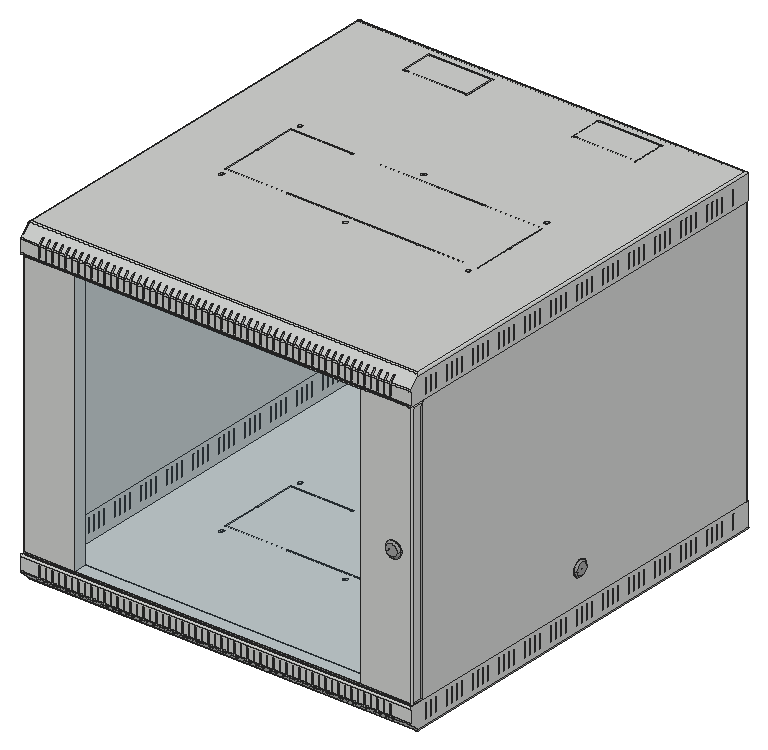
Revit family "600х650", category Обобщенные модели, Revit 2019
Family settings
  Может служить основой для арматурных стержней = Нет
  Размер круглого соединителя = Использовать диаметр
  Тип детали = Нормальный
  На основе рабочей плоскости = Нет
  Всегда вертикально = Да
  При загрузке вырезать с полостями = Нет
  Общий = Нет
  Точка расчета площади = Нет
Parameters (values of type "ШТ-НСрМ 9U (600x650) стеклянная дверь")
  Дверь = Дверь_С : Дверь_С
  Высота_двери = ADSK_Размер_Высота - 80 mm  # 413 mm
  ADSK_Этаж [instance] = ""
  ADSK_Размер_Ширина = 600 mm  # constant formula
  ADSK_Размер_Глубина = 650 mm  # constant formula
  ADSK_Размер_Высота = 493 mm
  ADSK_Примечание [instance] = ""
  ADSK_Предел огнестойкости = ""
  ADSK_Позиция [instance] = ""
  ADSK_Обозначение = "ШТ-НСрМ 9U (600x650) стеклянная дверь"
  ADSK_Наименование = "Шкаф телекоммуникационный настенный разборный со съемными боковыми стенками 19”,9U(600x650), ШТ-НСрМ-9U-600-650-С дверь стекло ССД"
  ADSK_Материал обозначение = "Серый RAL 7035"  # constant formula
  ADSK_Масса_Текст = "24,3"
  ADSK_Марка [instance] = "ШТ-НСрМ 9U (600x650) стеклянная дверь"
  ADSK_Код изделия = "130411-00844"
  ADSK_Зона = ""
  ADSK_Завод-изготовитель = "АО СВЯЗЬСТРОЙДЕТАЛЬ"  # constant formula
  ADSK_Единица измерения = "шт"  # constant formula
  ADSK_URL страницы изделия = "https://www.ssd.ru/shkaf-telekommunikatsionnyy-nastennyy-razbornyy-so-semnymi-bokovymi-stenkami-19-9u-600x650-sht-nsrm--75411"
  ADSK_URL документации изделия = ""
Reference planes
  plane 1 "По центру (Вперед/Назад)": y = 0
  plane 2: z = 0
  plane 3 "По центру (Влево/Вправо)": x = 0
  plane 4: y = 325
  plane 5: y = -325
  plane 6: x = -300
  plane 7: x = 300
  plane 8: z = 246.5
  plane 9: z = -246.5
  plane 10: z = 206.5
  plane 11: z = -206.5
Forms (mm)
  Extrusion 1, solid, material "RAL 7035", detail levels medium+fine
    sketch origin (0, 174.994, 41.996) x (0, 1, 0) y (-1, 0, 0)
      loop
        line (147.006, 300) -> (-475.51, 300)
        arc (-475.51, 300) -> (-476.004, 299.506) -> (-475.51, 299.013) r 0.494
        line (-475.51, 299.013) -> (145.992, 299.013)
        arc (145.992, 299.013) -> (148.118, 298.132) -> (148.999, 296.006) r 3.007
        line (148.999, 296.006) -> (148.999, 246.94)
        arc (148.999, 246.94) -> (149.499, 246.44) -> (150, 246.94) r 0.501
        line (150, 246.94) -> (150, 297.006)
        arc (150, 297.006) -> (149.123, 299.123) -> (147.006, 300) r 2.994
      loop
        arc (146.993, -300) -> (149.119, -299.119) -> (150, -296.993) r 3.007
        line (150, -296.993) -> (150, -246.948)
        arc (150, -246.948) -> (149.499, -246.447) -> (148.998, -246.948) r 0.501
        line (148.998, -246.948) -> (148.998, -295.993)
        arc (148.998, -295.993) -> (148.117, -298.119) -> (145.991, -299) r 3.007
        line (145.991, -299) -> (-475.504, -299)
        arc (-475.504, -299) -> (-476.004, -299.5) -> (-475.504, -300) r 0.5
        line (-475.504, -300) -> (146.993, -300)
      loop
        line (149.006, 245.778) -> (149.006, -245.93)
        arc (149.006, -245.93) -> (149.506, -246.43) -> (150.006, -245.93) r 0.5
        line (150.006, -245.93) -> (150.006, 245.778)
        arc (150.006, 245.778) -> (149.506, 246.278) -> (149.006, 245.778) r 0.5
    from -248.496 to 164.504
  Extrusion 2, void, detail levels fine
    sketch origin (3.917, 0, 85.311) x (1, 0, 0) y (0, 0, 1)
      loop
        line (273.229, 77.108) -> (273.229, 81.669)
        arc (273.229, 81.669) -> (268.229, 86.669) -> (263.229, 81.669) r 5
        line (263.229, 81.669) -> (263.229, 77.09)
        arc (263.229, 77.09) -> (260.241, 70.854) -> (263.229, 64.618) r 8
        line (263.229, 64.618) -> (263.229, 60.039)
        arc (263.229, 60.039) -> (268.229, 55.039) -> (273.229, 60.039) r 5
        line (273.229, 60.039) -> (273.229, 64.6)
        arc (273.229, 64.6) -> (276.241, 70.854) -> (273.229, 77.108) r 8
    from -323.993 to -325
  Extrusion 3, void, detail levels fine
    sketch origin (-3.917, 0, 85.311) x (-1, 0, 0) y (0, 0, -1)
      loop
        arc (273.229, -77.108) -> (276.241, -70.854) -> (273.229, -64.6) r 8
        line (273.229, -64.6) -> (273.229, -60.039)
        arc (273.229, -60.039) -> (268.229, -55.039) -> (263.229, -60.039) r 5
        line (263.229, -60.039) -> (263.229, -64.618)
        arc (263.229, -64.618) -> (260.241, -70.854) -> (263.229, -77.09) r 8
        line (263.229, -77.09) -> (263.229, -81.669)
        arc (263.229, -81.669) -> (268.229, -86.669) -> (273.229, -81.669) r 5
        line (273.229, -81.669) -> (273.229, -77.108)
    from -323.993 to -325
  Extrusion 4, void, detail levels fine
    sketch origin (3.917, 0, -85.311) x (1, 0, 0) y (0, 0, 1)
      loop
        arc (273.229, -77.108) -> (276.241, -70.854) -> (273.229, -64.6) r 8
        line (273.229, -64.6) -> (273.229, -60.039)
        arc (273.229, -60.039) -> (268.229, -55.039) -> (263.229, -60.039) r 5
        line (263.229, -60.039) -> (263.229, -64.618)
        arc (263.229, -64.618) -> (260.241, -70.854) -> (263.229, -77.09) r 8
        line (263.229, -77.09) -> (263.229, -81.669)
        arc (263.229, -81.669) -> (268.229, -86.669) -> (273.229, -81.669) r 5
        line (273.229, -81.669) -> (273.229, -77.108)
    from -325 to -323.993
  Extrusion 5, void, detail levels fine
    sketch origin (-3.917, 0, -85.311) x (-1, 0, 0) y (0, 0, -1)
      loop
        line (273.229, 77.108) -> (273.229, 81.669)
        arc (273.229, 81.669) -> (268.229, 86.669) -> (263.229, 81.669) r 5
        line (263.229, 81.669) -> (263.229, 77.09)
        arc (263.229, 77.09) -> (260.241, 70.854) -> (263.229, 64.618) r 8
        line (263.229, 64.618) -> (263.229, 60.039)
        arc (263.229, 60.039) -> (268.229, 55.039) -> (273.229, 60.039) r 5
        line (273.229, 60.039) -> (273.229, 64.6)
        arc (273.229, 64.6) -> (276.241, 70.854) -> (273.229, 77.108) r 8
    from -323.993 to -325
  Extrusion 6, void, not visible, detail levels fine
    sketch origin (3.917, -50, 13.811) x (1, 0, 0) y (0, 0, 1)
      loop
        line (273.229, 77.108) -> (273.229, 81.669)
        arc (273.229, 81.669) -> (268.229, 86.669) -> (263.229, 81.669) r 5
        line (263.229, 81.669) -> (263.229, 77.09)
        arc (263.229, 77.09) -> (260.241, 70.854) -> (263.229, 64.618) r 8
        line (263.229, 64.618) -> (263.229, 60.039)
        arc (263.229, 60.039) -> (268.229, 55.039) -> (273.229, 60.039) r 5
        line (273.229, 60.039) -> (273.229, 64.6)
        arc (273.229, 64.6) -> (276.241, 70.854) -> (273.229, 77.108) r 8
    from -323.993 to -325
  Extrusion 7, void, not visible, detail levels fine
    sketch origin (-3.917, -50, 13.811) x (-1, 0, 0) y (0, 0, -1)
      loop
        arc (273.229, -77.108) -> (276.241, -70.854) -> (273.229, -64.6) r 8
        line (273.229, -64.6) -> (273.229, -60.039)
        arc (273.229, -60.039) -> (268.229, -55.039) -> (263.229, -60.039) r 5
        line (263.229, -60.039) -> (263.229, -64.618)
        arc (263.229, -64.618) -> (260.241, -70.854) -> (263.229, -77.09) r 8
        line (263.229, -77.09) -> (263.229, -81.669)
        arc (263.229, -81.669) -> (268.229, -86.669) -> (273.229, -81.669) r 5
        line (273.229, -81.669) -> (273.229, -77.108)
    from -323.993 to -325
  Extrusion 8, void, not visible, detail levels fine
    sketch origin (3.917, 0, -13.811) x (1, 0, 0) y (0, 0, 1)
      loop
        arc (273.229, -77.108) -> (276.241, -70.854) -> (273.229, -64.6) r 8
        line (273.229, -64.6) -> (273.229, -60.039)
        arc (273.229, -60.039) -> (268.229, -55.039) -> (263.229, -60.039) r 5
        line (263.229, -60.039) -> (263.229, -64.618)
        arc (263.229, -64.618) -> (260.241, -70.854) -> (263.229, -77.09) r 8
        line (263.229, -77.09) -> (263.229, -81.669)
        arc (263.229, -81.669) -> (268.229, -86.669) -> (273.229, -81.669) r 5
        line (273.229, -81.669) -> (273.229, -77.108)
    from -325 to -323.993
  Extrusion 9, void, not visible, detail levels fine
    sketch origin (-3.917, 0, -13.811) x (-1, 0, 0) y (0, 0, -1)
      loop
        line (273.229, 77.108) -> (273.229, 81.669)
        arc (273.229, 81.669) -> (268.229, 86.669) -> (263.229, 81.669) r 5
        line (263.229, 81.669) -> (263.229, 77.09)
        arc (263.229, 77.09) -> (260.241, 70.854) -> (263.229, 64.618) r 8
        line (263.229, 64.618) -> (263.229, 60.039)
        arc (263.229, 60.039) -> (268.229, 55.039) -> (273.229, 60.039) r 5
        line (273.229, 60.039) -> (273.229, 64.6)
        arc (273.229, 64.6) -> (276.241, 70.854) -> (273.229, 77.108) r 8
    from -323.993 to -325
  Extrusion 10, solid, material "По умолчанию", detail levels medium+fine
    sketch origin (0, 0, -15.973) x (0, 1, 0) y (0, 0, 1)
      loop
        circle (0, -140.561) r 12
    from -300 to -301
  Blend 11, solid, material "По умолчанию", detail levels medium+fine
    base sketch origin (0, 30.14, -15.973) x (0, 1, 0) y (0, 0, 1)
      loop
        circle (-30.14, -140.561) r 12
    top sketch origin (0, 30.14, -15.973) x (0, 1, 0) y (0, 0, 1)
      loop
        circle (-30.14, -140.561) r 9
    from -301 to -304
  Extrusion 12, solid, material "По умолчанию", not visible, detail levels medium+fine
    sketch origin (0, 0, -94.473) x (0, 1, 0) y (0, 0, 1)
      loop
        circle (0, -140.561) r 12
    from -300 to -301
  Blend 13, solid, material "По умолчанию", not visible, detail levels medium+fine
    base sketch origin (0, 30.14, -94.473) x (0, 1, 0) y (0, 0, 1)
      loop
        circle (-30.14, -140.561) r 12
    top sketch origin (0, 30.14, -94.473) x (0, 1, 0) y (0, 0, 1)
      loop
        circle (-30.14, -140.561) r 9
    from -301 to -304
  Extrusion 14, solid, material "По умолчанию", detail levels medium+fine
    sketch origin (0, 0, -15.973) x (0, 1, 0) y (0, 0, -1)
      loop
        circle (0, 140.561) r 12
    from -300 to -301
  Blend 15, solid, material "По умолчанию", detail levels medium+fine
    base sketch origin (0, 30.14, -15.973) x (0, 1, 0) y (0, 0, -1)
      loop
        circle (-30.14, 140.561) r 12
    top sketch origin (0, 30.14, -15.973) x (0, 1, 0) y (0, 0, -1)
      loop
        circle (-30.14, 140.561) r 9
    from -301 to -304
  Extrusion 16, solid, material "По умолчанию", not visible, detail levels medium+fine
    sketch origin (0, 0, -94.473) x (0, 1, 0) y (0, 0, -1)
      loop
        circle (0, 140.561) r 12
    from -300 to -301
  Blend 17, solid, material "По умолчанию", not visible, detail levels medium+fine
    base sketch origin (0, 30.14, -94.473) x (0, 1, 0) y (0, 0, -1)
      loop
        circle (-30.14, 140.561) r 12
    top sketch origin (0, 30.14, -94.473) x (0, 1, 0) y (0, 0, -1)
      loop
        circle (-30.14, 140.561) r 9
    from -301 to -304
  Extrusion 18, void
    sketch origin (0, 0.347, 80.075) x (0, 1, 0) y (0, 0, 1)
      loop
        line (-4.848, -235.859) -> (-4.848, -237.359) -> (3.152, -237.359) -> (3.152, -235.859) -> (-4.848, -235.859)
    from -302 to -304
  Extrusion 19, void
    sketch origin (0, 0, 78.5) x (0, 1, 0) y (0, 0, 1)
      loop
        line (-4.501, -234.284) -> (-4.501, -235.784) -> (3.499, -235.784) -> (3.499, -234.284) -> (-4.501, -234.284)
    from 302 to 304
  Extrusion 20, void, not visible
    sketch origin (0, 0.347, 1.575) x (0, 1, 0) y (0, 0, 1)
      loop
        line (-4.848, -235.859) -> (-4.848, -237.359) -> (3.152, -237.359) -> (3.152, -235.859) -> (-4.848, -235.859)
    from -302 to -304
  Extrusion 21, void, not visible
    sketch origin (0, 0, 0) x (0, 1, 0) y (0, 0, 1)
      loop
        line (-4.501, -234.284) -> (-4.501, -235.784) -> (3.499, -235.784) -> (3.499, -234.284) -> (-4.501, -234.284)
    from 302 to 304
  Extrusion 22, solid, material "RAL 7035", detail levels coarse
    sketch origin (0, 0, 0) x (1, 0, 0) y (0, 0, 1)
      loop
        line (-300, 246.5) -> (-300, -246.5) -> (300, -246.5) -> (300, 246.5) -> (-300, 246.5)
    from -325 to 325
Cuts and joins
  Extrusion 2, Extrusion 3, Extrusion 4, Extrusion 5, Extrusion 19 cuts Extrusion 1
  Extrusion 18 cuts Blend 11
  Extrusion 19 cuts Extrusion 14
  Extrusion 19 cuts Blend 15
Lines and regions (mm)
  reference lines
    curve 1: line (280.158, 0, 156.165) -> (264.158, 0, 156.165)
    curve 3: line (280.158, 0, -156.165) -> (264.158, 0, -156.165)
    curve 5: line (0, -12, -156.534) -> (0, -42, -156.534)
  reference lines, not visible
    curve 2: line (280.158, -50, 84.665) -> (264.158, -50, 84.665)
    curve 4: line (280.158, 0, -84.665) -> (264.158, 0, -84.665)
    curve 6: line (0, -12, -235.034) -> (0, -42, -235.034)
Dimensions and locks
  "ADSK_Размер_Высота": plane 8 to plane 9
  equal spacing: plane 8, level, plane 9
  equal spacing: plane 7, plane 3 "По центру (Влево/Вправо)", plane 6
  "ADSK_Размер_Ширина": plane 7 to plane 6
  equal spacing: plane 4, plane 1 "По центру (Вперед/Назад)", plane 5
  "ADSK_Размер_Глубина": plane 4 to plane 5
  level to Extrusion 1 = 206.5 mm
  locked: plane 10 to plane 8 at 40
  locked: plane 9 to plane 11 at 40
  locked: curve 1 to plane 10 at 50.335
  locked: plane 11 to curve 3 at 50.335
  locked: plane 9 to curve 5 at 89.966
  locked: nested 2 to plane 8 at 40
  locked: plane 9 to nested 3 at 40
  aligned and locked: level to plane 2
  aligned and locked: Extrusion 1 to plane 6
  aligned and locked: plane 7 to Extrusion 1
  aligned and locked: plane 10 to Extrusion 1
  aligned and locked: Extrusion 1 to plane 11
  aligned and locked: Extrusion 22 to plane 6
  aligned and locked: plane 7 to Extrusion 22
  aligned and locked: Extrusion 22 to plane 9
  aligned and locked: plane 8 to Extrusion 22
  aligned and locked: Extrusion 22 to plane 4
  aligned and locked: plane 5 to Extrusion 22
Automatic sketch dimensions
  Extrusion 2 sketch curve to Extrusion 2 sketch curve = 0 mm  (x5)
  Extrusion 2 sketch curve to Extrusion 2 sketch curve = 5 mm  (x2)
  Extrusion 2 sketch curve to Extrusion 2 sketch curve = 4.988 mm
  Extrusion 2 sketch curve to Extrusion 2 sketch curve = 4.56 mm  (x2)
  Extrusion 2 sketch curve to Extrusion 2 sketch curve = 4.579 mm
  Extrusion 2 sketch curve to Extrusion 2 sketch curve = 6.254 mm
  Extrusion 3 sketch curve to Extrusion 3 sketch curve = 0 mm  (x5)
  Extrusion 3 sketch curve to Extrusion 3 sketch curve = 5 mm  (x2)
  Extrusion 3 sketch curve to Extrusion 3 sketch curve = 4.988 mm
  Extrusion 3 sketch curve to Extrusion 3 sketch curve = 4.56 mm  (x2)
  Extrusion 3 sketch curve to Extrusion 3 sketch curve = 4.579 mm
  Extrusion 3 sketch curve to Extrusion 3 sketch curve = 6.254 mm
  Extrusion 4 sketch curve to Extrusion 4 sketch curve = 0 mm  (x5)
  Extrusion 4 sketch curve to Extrusion 4 sketch curve = 5 mm  (x2)
  Extrusion 4 sketch curve to Extrusion 4 sketch curve = 4.988 mm
  Extrusion 4 sketch curve to Extrusion 4 sketch curve = 4.56 mm  (x2)
  Extrusion 4 sketch curve to Extrusion 4 sketch curve = 4.579 mm
  Extrusion 4 sketch curve to Extrusion 4 sketch curve = 6.254 mm
  Extrusion 5 sketch curve to Extrusion 5 sketch curve = 0 mm  (x5)
  Extrusion 5 sketch curve to Extrusion 5 sketch curve = 5 mm  (x2)
  Extrusion 5 sketch curve to Extrusion 5 sketch curve = 4.988 mm
  Extrusion 5 sketch curve to Extrusion 5 sketch curve = 4.56 mm  (x2)
  Extrusion 5 sketch curve to Extrusion 5 sketch curve = 4.579 mm
  Extrusion 5 sketch curve to Extrusion 5 sketch curve = 6.254 mm
  Extrusion 6 sketch curve to Extrusion 6 sketch curve = 0 mm  (x5)
  Extrusion 6 sketch curve to Extrusion 6 sketch curve = 5 mm  (x2)
  Extrusion 6 sketch curve to Extrusion 6 sketch curve = 4.988 mm
  Extrusion 6 sketch curve to Extrusion 6 sketch curve = 4.56 mm  (x2)
  Extrusion 6 sketch curve to Extrusion 6 sketch curve = 4.579 mm
  Extrusion 6 sketch curve to Extrusion 6 sketch curve = 6.254 mm
  Extrusion 7 sketch curve to Extrusion 7 sketch curve = 0 mm  (x5)
  Extrusion 7 sketch curve to Extrusion 7 sketch curve = 5 mm  (x2)
  Extrusion 7 sketch curve to Extrusion 7 sketch curve = 4.988 mm
  Extrusion 7 sketch curve to Extrusion 7 sketch curve = 4.56 mm  (x2)
  Extrusion 7 sketch curve to Extrusion 7 sketch curve = 4.579 mm
  Extrusion 7 sketch curve to Extrusion 7 sketch curve = 6.254 mm
  Extrusion 8 sketch curve to Extrusion 8 sketch curve = 0 mm  (x5)
  Extrusion 8 sketch curve to Extrusion 8 sketch curve = 5 mm  (x2)
  Extrusion 8 sketch curve to Extrusion 8 sketch curve = 4.988 mm
  Extrusion 8 sketch curve to Extrusion 8 sketch curve = 4.56 mm  (x2)
  Extrusion 8 sketch curve to Extrusion 8 sketch curve = 4.579 mm
  Extrusion 8 sketch curve to Extrusion 8 sketch curve = 6.254 mm
  Extrusion 9 sketch curve to Extrusion 9 sketch curve = 0 mm  (x5)
  Extrusion 9 sketch curve to Extrusion 9 sketch curve = 5 mm  (x2)
  Extrusion 9 sketch curve to Extrusion 9 sketch curve = 4.988 mm
  Extrusion 9 sketch curve to Extrusion 9 sketch curve = 4.56 mm  (x2)
  Extrusion 9 sketch curve to Extrusion 9 sketch curve = 4.579 mm
  Extrusion 9 sketch curve to Extrusion 9 sketch curve = 6.254 mm
  Extrusion 1 sketch curve to plane 6 = 0 mm
  Extrusion 1 sketch curve to plane 7 = 0 mm
  plane 4 to Extrusion 1 sketch curve = 0 mm
  plane 4 to Extrusion 1 sketch curve = 0.006 mm  (x2)
  plane 4 to Extrusion 1 sketch curve = 0.5 mm
  Extrusion 1 sketch curve to Extrusion 1 sketch curve = 0.501 mm  (x2)
  plane 4 to Extrusion 1 sketch curve = 2.999 mm
  plane 4 to Extrusion 1 sketch curve = 3.012 mm
  Extrusion 1 sketch curve to Extrusion 1 sketch curve = 1.014 mm
  Extrusion 1 sketch curve to plane 7 = 1 mm
  Extrusion 1 sketch curve to Extrusion 1 sketch curve = 1.002 mm
  Extrusion 1 sketch curve to plane 5 = 24.49 mm
  plane 6 to Extrusion 1 sketch curve = 0.494 mm
  Extrusion 1 sketch curve to plane 5 = 24.484 mm
  Extrusion 1 sketch curve to Extrusion 1 sketch curve = 49.046 mm
  Extrusion 1 sketch curve to Extrusion 1 sketch curve = 1.018 mm
  Extrusion 1 sketch curve to Extrusion 1 sketch curve = 50.228 mm
  Extrusion 1 sketch curve to Extrusion 1 sketch curve = 1.162 mm
  Extrusion 18 sketch curve to Extrusion 18 sketch curve = 1.5 mm
  Extrusion 19 sketch curve to Extrusion 19 sketch curve = 8 mm
  Extrusion 19 sketch curve to Extrusion 19 sketch curve = 1.5 mm
  Extrusion 18 sketch curve to Extrusion 18 sketch curve = 8 mm
  Extrusion 20 sketch curve to Extrusion 20 sketch curve = 8 mm
  Extrusion 22 sketch curve to plane 6 = 0 mm
  Extrusion 22 sketch curve to plane 7 = 0 mm
  Extrusion 22 sketch curve to plane 8 = 493 mm
  Extrusion 22 sketch curve to Extrusion 22 sketch curve = 493 mm
  radius of Extrusion 10 sketch curve = 12 mm
  radius of Blend 11 sketch curve = 12 mm
  radius of Blend 11 sketch curve = 9 mm
  radius of Extrusion 14 sketch curve = 12 mm
  radius of Blend 15 sketch curve = 12 mm
  radius of Blend 15 sketch curve = 9 mm
  radius of Extrusion 12 sketch curve = 12 mm
  radius of Blend 13 sketch curve = 12 mm
  radius of Blend 13 sketch curve = 9 mm
  radius of Extrusion 16 sketch curve = 12 mm
  radius of Blend 17 sketch curve = 12 mm
  radius of Blend 17 sketch curve = 9 mm
Nested families
  nested 1: "Дверь_С" at (0, -301, 0), ADSK_Размер_Высота <- "Высота_двери", type <- "Дверь", type "Дверь_С"
    with ADSK_Размер_Высота 413 mm
  nested 2: "Крышка 650" at (0, 325, -3.5) x (1, 0, 0) z (0, -1, 0), type "Крышка 650"
  nested 3: "Крышка 650" at (0, 325, 3.5) x (1, 0, 0) z (0, -1, 0), type "Крышка 650"
Definition of nested family "Дверь_С"
  Parameters (values of type "Дверь_С")
    Ширина = 600 mm
    ADSK_Размер_Высота [instance] = 500 mm
  Reference planes
    plane 1 "По центру (Вперед/Назад)": y = 0
    plane 2: z = 0
    plane 3 "По центру (Влево/Вправо)": x = 0
    plane 4: z = 250
    plane 5: z = -250
    plane 6: x = -300
    plane 7: x = 300
  Forms (mm)
    Extrusion 1, solid, detail levels medium+fine
      sketch origin (0, 0, 0) x (1, 0, 0) y (0, 0, 1)
        loop
          line (297, 250) -> (-297, 250)
          arc (-297, 250) -> (-299.121, 249.121) -> (-300, 247) r 3
          line (-300, 247) -> (-300, -247)
          arc (-300, -247) -> (-299.121, -249.121) -> (-297, -250) r 3
          line (-297, -250) -> (297, -250)
          arc (297, -250) -> (299.121, -249.121) -> (300, -247) r 3
          line (300, -247) -> (300, 247)
          arc (300, 247) -> (299.121, 249.121) -> (297, 250) r 3
        loop
          line (-220, 247.042) -> (-220, -247.042) -> (220, -247.042) -> (220, 247.042) -> (-220, 247.042)
      from 0 to 20
    Extrusion 2, void, detail levels medium+fine
      sketch origin (0, 0, 0) x (1, 0, 0) y (0, 1, 0)
        loop
          line (-300, 0) -> (-300, -3)
          arc (-300, -3) -> (-299.121, -0.879) -> (-297, 0) r 3
          line (-297, 0) -> (-300, 0)
        loop
          line (300, 0) -> (297, 0)
          arc (297, 0) -> (299.121, -0.879) -> (300, -3) r 3
          line (300, -3) -> (300, 0)
        loop
          line (-300, -20) -> (-297, -20)
          arc (-297, -20) -> (-299.121, -19.121) -> (-300, -17) r 3
          line (-300, -17) -> (-300, -20)
        loop
          line (300, -20) -> (300, -17)
          arc (300, -17) -> (299.121, -19.121) -> (297, -20) r 3
          line (297, -20) -> (300, -20)
      from -250 to 250
    Extrusion 3, void, detail levels medium+fine
      sketch origin (0, 0, 0) x (0, 1, 0) y (0, 0, 1)
        loop
          line (0, 250) -> (-2.958, 250)
          arc (-2.958, 250) -> (-0.866, 249.134) -> (0, 247.042) r 2.958
          line (0, 247.042) -> (0, 250)
        loop
          line (0, -250) -> (0, -247.042)
          arc (0, -247.042) -> (-0.866, -249.134) -> (-2.958, -250) r 2.958
          line (-2.958, -250) -> (0, -250)
        loop
          line (-20, 250) -> (-20, 247.042)
          arc (-20, 247.042) -> (-19.134, 249.134) -> (-17.042, 250) r 2.958
          line (-17.042, 250) -> (-20, 250)
        loop
          line (-20, -250) -> (-17.042, -250)
          arc (-17.042, -250) -> (-19.134, -249.134) -> (-20, -247.042) r 2.958
          line (-20, -247.042) -> (-20, -250)
      from -300 to 300
    Extrusion 4, solid, detail levels medium+fine
      sketch origin (271.4, 0, 0) x (1, 0, 0) y (0, 0, 1)
        loop
          circle (0, 0) r 12
      from 20 to 21
    Blend 5, solid, detail levels medium+fine
      base sketch origin (143.882, 0, 0) x (1, 0, 0) y (0, 0, 1)
        loop
          circle (127.518, 0) r 12
      top sketch origin (143.882, 0, 0) x (1, 0, 0) y (0, 0, 1)
        loop
          circle (127.518, 0) r 9
      from 21 to 24
    Extrusion 6, void, detail levels medium+fine
      sketch origin (271.39, 0, -0.135) x (1, 0, 0) y (0, 0, 1)
        loop
          line (-3.979, 0.868) -> (-3.979, -0.615) -> (3.999, -0.615) -> (3.999, 0.868) -> (-3.979, 0.868)
      from 24 to 22
    Extrusion 7, solid, detail levels medium+fine
      sketch origin (0, 0, 0) x (1, 0, 0) y (0, 0, 1)
        loop
          line (-220, 247.042) -> (-220, -247.042) -> (220, -247.042) -> (220, 247.042) -> (-220, 247.042)
      from 20 to 0
  Cuts and joins
    Extrusion 2, Extrusion 3 cuts Extrusion 1
    Extrusion 6 cuts Blend 5
  Dimensions and locks
    equal spacing: plane 4, level, plane 5
    "ADSK_Размер_Высота": plane 4 to plane 5
    equal spacing: plane 7, plane 3 "По центру (Влево/Вправо)", plane 6
    "Ширина": plane 7 to plane 6
    locked: Extrusion 1 to Extrusion 1 at 20
    locked: plane 4 to cut or joined group of Extrusion 1, Extrusion 2, Extrusion 3 at 2.958
    locked: cut or joined group of Extrusion 1, Extrusion 2, Extrusion 3 to plane 5 at 2.958
    aligned and locked: level to plane 2
    aligned and locked: Extrusion 1 to plane 1 "По центру (Вперед/Назад)"
    aligned and locked: plane 4 to Extrusion 1
    aligned and locked: plane 7 to Extrusion 1
    aligned and locked: Extrusion 1 to plane 6
    aligned and locked: Extrusion 1 to plane 5
    aligned and locked: Extrusion 2 to plane 6  (x2)
    aligned and locked: Extrusion 2 to plane 1 "По центру (Вперед/Назад)"  (x2)
    aligned and locked: Extrusion 2 to Extrusion 1
    aligned and locked: plane 7 to Extrusion 2  (x2)
    aligned and locked: Extrusion 1 to Extrusion 2
    aligned and locked: plane 4 to Extrusion 2
    aligned and locked: Extrusion 2 to plane 5
    aligned and locked: plane 4 to Extrusion 3  (x2)
    aligned and locked: Extrusion 1 to Extrusion 3
    aligned and locked: Extrusion 3 to plane 1 "По центру (Вперед/Назад)"  (x2)
    aligned and locked: Extrusion 3 to plane 5  (x2)
    aligned and locked: Extrusion 3 to Extrusion 1
    aligned and locked: plane 7 to Extrusion 3
    aligned and locked: Extrusion 3 to plane 6
    aligned and locked: cut or joined group of Extrusion 1, Extrusion 2, Extrusion 3 to Extrusion 7 sketch curve
    aligned and locked: Extrusion 7 to cut or joined group of Extrusion 1, Extrusion 2, Extrusion 3  (x4)
    aligned and locked: Extrusion 7 to plane 1 "По центру (Вперед/Назад)"
  Automatic sketch dimensions
    plane 1 "По центру (Вперед/Назад)" to Extrusion 2 sketch curve = 0 mm  (x2)
    Extrusion 2 sketch curve to plane 6 = 0 mm  (x2)
    Extrusion 2 sketch curve to plane 7 = 0 mm
    plane 7 to Extrusion 2 sketch curve = 0 mm
    plane 6 to Extrusion 2 sketch curve = 3 mm  (x2)
    Extrusion 2 sketch curve to plane 7 = 3 mm
    Extrusion 2 sketch curve to Extrusion 2 sketch curve = 3 mm
    Extrusion 2 sketch curve to Extrusion 2 sketch curve = 14 mm  (x2)
    Extrusion 3 sketch curve to plane 4 = 0 mm  (x2)
    Extrusion 3 sketch curve to plane 5 = 0 mm  (x2)
    Extrusion 3 sketch curve to plane 1 "По центру (Вперед/Назад)" = 0 mm  (x2)
    Extrusion 3 sketch curve to Extrusion 3 sketch curve = 2.958 mm  (x3)
    plane 1 "По центру (Вперед/Назад)" to Extrusion 3 sketch curve = 2.958 mm
    Extrusion 3 sketch curve to Extrusion 3 sketch curve = 14.084 mm  (x2)
    Extrusion 4 sketch curve to level = 0 mm
    plane 3 "По центру (Влево/Вправо)" to Extrusion 4 sketch curve = 271.4 mm
    Blend 5 sketch curve to level = 0 mm  (x2)
    plane 3 "По центру (Влево/Вправо)" to Blend 5 sketch curve = 271.4 mm  (x2)
    Extrusion 6 sketch curve to level = 0.75 mm
    plane 3 "По центру (Влево/Вправо)" to Extrusion 6 sketch curve = 267.411 mm
    plane 3 "По центру (Влево/Вправо)" to Extrusion 6 sketch curve = 275.389 mm
    level to Extrusion 6 sketch curve = 0.733 mm
    Extrusion 1 sketch curve to plane 6 = 0 mm
    Extrusion 1 sketch curve to plane 4 = 0 mm
    plane 5 to Extrusion 1 sketch curve = 0 mm
    Extrusion 1 sketch curve to plane 7 = 0 mm
    Extrusion 1 sketch curve to plane 4 = 3 mm
    plane 5 to Extrusion 1 sketch curve = 3 mm  (x2)
    Extrusion 1 sketch curve to level = 247.042 mm
    Extrusion 1 sketch curve to plane 3 "По центру (Влево/Вправо)" = 220 mm
    plane 3 "По центру (Влево/Вправо)" to Extrusion 1 sketch curve = 220 mm
    Extrusion 1 sketch curve to plane 7 = 3 mm
    level to Extrusion 1 sketch curve = 247.042 mm
    plane 5 to Extrusion 7 sketch curve = 2.958 mm
    plane 6 to Extrusion 7 sketch curve = 80 mm
    Extrusion 7 sketch curve to plane 7 = 80 mm
    radius of Extrusion 4 sketch curve = 12 mm
    radius of Blend 5 sketch curve = 12 mm
    radius of Blend 5 sketch curve = 9 mm
Definition of nested family "Крышка 650"
  Parameters (values of type "Крышка 650")
    Default Elevation = 0 mm
    ADSK_Размер_Ширина = 600 mm
    ADSK_Размер_Глубина = 650 mm
    ADSK_Материал = none
  Reference planes
    plane 1 "По центру (Вперед/Назад)": y = 0
    plane 2: z = 0
    plane 3 "По центру (Влево/Вправо)": x = 0
    plane 4: x = 300
    plane 5: x = -300
    plane 6: y = 250
    plane 7: y = -250
    plane 8: z = 650
  Forms (mm)
    Extrusion 1, solid
      sketch origin (0, 0, 0) x (1, 0, 0) y (0, 1, 0)
        loop
          line (-1219.2, 1219.2) -> (-1219.2, -1219.2) -> (1219.2, -1219.2) -> (1219.2, 1219.2) -> (-1219.2, 1219.2)
      from 0 to -304.8
    Extrusion 2, solid, material <- "ADSK_Материал", detail levels medium+fine
      sketch origin (0, 310.254, -563.001) x (0, 1, 0) y (0, 0, 1)
        loop
          arc (-60.254, 1194.781) -> (-60.483, 1195.929) -> (-61.133, 1196.903) r 3
          line (-61.133, 1196.903) -> (-76.353, 1212.122)
          arc (-76.353, 1212.122) -> (-77.326, 1212.773) -> (-78.474, 1213.001) r 3
          line (-78.474, 1213.001) -> (-97.254, 1213.001)
          arc (-97.254, 1213.001) -> (-99.376, 1212.122) -> (-100.254, 1210.001) r 3
          line (-100.254, 1210.001) -> (-100.254, 566.001)
          arc (-100.254, 566.001) -> (-99.376, 563.88) -> (-97.254, 563.001) r 3
          line (-97.254, 563.001) -> (-63.254, 563.001)
          arc (-63.254, 563.001) -> (-61.133, 563.88) -> (-60.254, 566.001) r 3
          line (-60.254, 566.001) -> (-60.254, 1194.781)
      from -300 to 300
    Extrusion 3, void, detail levels medium+fine
      sketch origin (-302.566, 67.262, 0) x (1, 0, 0) y (0, 1, 0)
        loop
          line (31.066, 172.333) -> (31.066, 148.933)
          arc (31.066, 148.933) -> (32.566, 147.433) -> (34.066, 148.933) r 1.5
          line (34.066, 148.933) -> (34.066, 172.333)
          arc (34.066, 172.333) -> (32.566, 173.833) -> (31.066, 172.333) r 1.5
      from 640 to 650 <- "ADSK_Размер_Глубина"
    Extrusion 4, void, detail levels medium+fine
      sketch origin (0, 0, 0) x (1, 0, 0) y (0, 1, 0)
        loop
          arc (-300, 246.971) -> (-299.113, 249.113) -> (-296.971, 250) r 3.029
          line (-296.971, 250) -> (-300, 250) -> (-300, 246.971)
      from 0 to 650 <- "ADSK_Размер_Глубина"
    Extrusion 5, void, detail levels medium+fine
      sketch origin (0, 0, 0) x (-1, 0, 0) y (0, -1, 0)
        loop
          line (-300, -246.971) -> (-300, -250) -> (-296.971, -250)
          arc (-296.971, -250) -> (-299.113, -249.113) -> (-300, -246.971) r 3.029
      from 0 to 650 <- "ADSK_Размер_Глубина"
    Extrusion 6, void, detail levels medium+fine
      sketch origin (0, 0, -294.506) x (0, 1, 0) y (0, 0, 1)
        loop
          line (238.196, 326.499) -> (216.196, 326.499)
          arc (216.196, 326.499) -> (214.449, 324.752) -> (216.196, 323.006) r 1.747
          line (216.196, 323.006) -> (238.196, 323.006)
          arc (238.196, 323.006) -> (239.942, 324.752) -> (238.196, 326.499) r 1.747
      from 299 to 300
    Extrusion 7, void, detail levels medium+fine
      sketch origin (0, 0, 0) x (1, 0, 0) y (0, 0, 1)
        loop
          line (-101, 262) -> (-101, 264) -> (-193, 264) -> (-193, 324) -> (-195, 324) -> (-195, 262) -> (-101, 262)
        loop
          line (-100, 262) -> (100, 262) -> (100, 264) -> (-100, 264) -> (-100, 262)
        loop
          line (101, 262) -> (195, 262) -> (195, 324) -> (193, 324) -> (193, 264) -> (101, 264) -> (101, 262)
        loop
          line (-101, 388) -> (-195, 388) -> (-195, 326) -> (-193, 326) -> (-193, 386) -> (-101, 386) -> (-101, 388)
        loop
          line (-100, 388) -> (-100, 386) -> (100, 386) -> (100, 388) -> (-100, 388)
        loop
          line (101, 388) -> (101, 386) -> (193, 386) -> (193, 326) -> (195, 326) -> (195, 388) -> (101, 388)
        loop
          circle (189.7, 249.5) r 3.3
        loop
          circle (0, 249.5) r 3.3
        loop
          circle (-189.7, 249.5) r 3.3
        loop
          circle (189.7, 400.5) r 3.3
        loop
          circle (0, 400.5) r 3.3
        loop
          circle (-189.7, 400.5) r 3.3
        loop
          line (83, 65) -> (83, 63) -> (177, 63) -> (177, 65) -> (83, 65)
        loop
          line (178, 65) -> (178, 15) -> (180, 15) -> (180, 65) -> (178, 65)
        loop
          line (83, 15) -> (177, 15) -> (177, 17) -> (83, 17) -> (83, 15)
        loop
          line (82, 65) -> (80, 65) -> (80, 15) -> (82, 15) -> (82, 65)
        loop
          line (-83, 65) -> (-177, 65) -> (-177, 63) -> (-83, 63) -> (-83, 65)
        loop
          line (-178, 65) -> (-180, 65) -> (-180, 15) -> (-178, 15) -> (-178, 65)
        loop
          line (-83, 15) -> (-83, 17) -> (-177, 17) -> (-177, 15) -> (-83, 15)
        loop
          line (-82, 65) -> (-82, 15) -> (-80, 15) -> (-80, 65) -> (-82, 65)
      from -250 to -210
    Extrusion 8, void, detail levels medium+fine
      sketch origin (0, 0, 0) x (0, 1, 0) y (0, 0, 1)
        loop
          arc (213.847, 649.125) -> (211.726, 648.247) -> (210.847, 646.125) r 3
          line (210.847, 646.125) -> (210, 646.125) -> (210, 3.911) -> (210.847, 3.911)
          arc (210.847, 3.911) -> (211.726, 1.79) -> (213.847, 0.911) r 3
          line (213.847, 0.911) -> (246, 0.911)
          arc (246, 0.911) -> (248.121, 1.79) -> (249, 3.911) r 3
          line (249, 3.911) -> (249, 631.785)
          arc (249, 631.785) -> (248.772, 632.932) -> (248.122, 633.904) r 2.997
          line (248.122, 633.904) -> (233.78, 648.247)
          arc (233.78, 648.247) -> (232.807, 648.897) -> (231.659, 649.125) r 3
          line (231.659, 649.125) -> (213.847, 649.125)
      from -299 to 299
    Extrusion 9, void, detail levels medium+fine
      sketch origin (0, 0, -284.506) x (0, 1, 0) y (0, 0, 1)
        loop
          line (238.196, 326.499) -> (216.196, 326.499)
          arc (216.196, 326.499) -> (214.449, 324.752) -> (216.196, 323.006) r 1.747
          line (216.196, 323.006) -> (238.196, 323.006)
          arc (238.196, 323.006) -> (239.942, 324.752) -> (238.196, 326.499) r 1.747
      from 299 to 300
    Extrusion 10, void, detail levels medium+fine
      sketch origin (0, 0, -274.506) x (0, 1, 0) y (0, 0, 1)
        loop
          line (238.196, 326.499) -> (216.196, 326.499)
          arc (216.196, 326.499) -> (214.449, 324.752) -> (216.196, 323.006) r 1.747
          line (216.196, 323.006) -> (238.196, 323.006)
          arc (238.196, 323.006) -> (239.942, 324.752) -> (238.196, 326.499) r 1.747
      from 299 to 300
    Extrusion 11, void, detail levels medium+fine
      sketch origin (0, 0, -264.506) x (0, 1, 0) y (0, 0, 1)
        loop
          line (238.196, 326.499) -> (216.196, 326.499)
          arc (216.196, 326.499) -> (214.449, 324.752) -> (216.196, 323.006) r 1.747
          line (216.196, 323.006) -> (238.196, 323.006)
          arc (238.196, 323.006) -> (239.942, 324.752) -> (238.196, 326.499) r 1.747
      from 299 to 300
    Extrusion 12, void, detail levels medium+fine
      sketch origin (0, 0, -254.506) x (0, 1, 0) y (0, 0, 1)
        loop
          line (238.196, 326.499) -> (216.196, 326.499)
          arc (216.196, 326.499) -> (214.449, 324.752) -> (216.196, 323.006) r 1.747
          line (216.196, 323.006) -> (238.196, 323.006)
          arc (238.196, 323.006) -> (239.942, 324.752) -> (238.196, 326.499) r 1.747
      from 299 to 300
    Extrusion 13, void, detail levels medium+fine
      sketch origin (0, 0, -244.506) x (0, 1, 0) y (0, 0, 1)
        loop
          line (238.196, 326.499) -> (216.196, 326.499)
          arc (216.196, 326.499) -> (214.449, 324.752) -> (216.196, 323.006) r 1.747
          line (216.196, 323.006) -> (238.196, 323.006)
          arc (238.196, 323.006) -> (239.942, 324.752) -> (238.196, 326.499) r 1.747
      from 299 to 300
    Extrusion 14, void, detail levels medium+fine
      sketch origin (0, 0, -234.506) x (0, 1, 0) y (0, 0, 1)
        loop
          line (238.196, 326.499) -> (216.196, 326.499)
          arc (216.196, 326.499) -> (214.449, 324.752) -> (216.196, 323.006) r 1.747
          line (216.196, 323.006) -> (238.196, 323.006)
          arc (238.196, 323.006) -> (239.942, 324.752) -> (238.196, 326.499) r 1.747
      from 299 to 300
    Extrusion 15, void, detail levels medium+fine
      sketch origin (0, 0, -224.506) x (0, 1, 0) y (0, 0, 1)
        loop
          line (238.196, 326.499) -> (216.196, 326.499)
          arc (216.196, 326.499) -> (214.449, 324.752) -> (216.196, 323.006) r 1.747
          line (216.196, 323.006) -> (238.196, 323.006)
          arc (238.196, 323.006) -> (239.942, 324.752) -> (238.196, 326.499) r 1.747
      from 299 to 300
    Extrusion 16, void, detail levels medium+fine
      sketch origin (0, 0, -214.506) x (0, 1, 0) y (0, 0, 1)
        loop
          line (238.196, 326.499) -> (216.196, 326.499)
          arc (216.196, 326.499) -> (214.449, 324.752) -> (216.196, 323.006) r 1.747
          line (216.196, 323.006) -> (238.196, 323.006)
          arc (238.196, 323.006) -> (239.942, 324.752) -> (238.196, 326.499) r 1.747
      from 299 to 300
    Extrusion 17, void, detail levels medium+fine
      sketch origin (0, 0, -204.506) x (0, 1, 0) y (0, 0, 1)
        loop
          line (238.196, 326.499) -> (216.196, 326.499)
          arc (216.196, 326.499) -> (214.449, 324.752) -> (216.196, 323.006) r 1.747
          line (216.196, 323.006) -> (238.196, 323.006)
          arc (238.196, 323.006) -> (239.942, 324.752) -> (238.196, 326.499) r 1.747
      from 299 to 300
    Extrusion 18, void, detail levels medium+fine
      sketch origin (0, 0, -194.506) x (0, 1, 0) y (0, 0, 1)
        loop
          line (238.196, 326.499) -> (216.196, 326.499)
          arc (216.196, 326.499) -> (214.449, 324.752) -> (216.196, 323.006) r 1.747
          line (216.196, 323.006) -> (238.196, 323.006)
          arc (238.196, 323.006) -> (239.942, 324.752) -> (238.196, 326.499) r 1.747
      from 299 to 300
    Extrusion 19, void, detail levels medium+fine
      sketch origin (0, 0, -184.506) x (0, 1, 0) y (0, 0, 1)
        loop
          line (238.196, 326.499) -> (216.196, 326.499)
          arc (216.196, 326.499) -> (214.449, 324.752) -> (216.196, 323.006) r 1.747
          line (216.196, 323.006) -> (238.196, 323.006)
          arc (238.196, 323.006) -> (239.942, 324.752) -> (238.196, 326.499) r 1.747
      from 299 to 300
    Extrusion 20, void, detail levels medium+fine
      sketch origin (0, 0, -174.506) x (0, 1, 0) y (0, 0, 1)
        loop
          line (238.196, 326.499) -> (216.196, 326.499)
          arc (216.196, 326.499) -> (214.449, 324.752) -> (216.196, 323.006) r 1.747
          line (216.196, 323.006) -> (238.196, 323.006)
          arc (238.196, 323.006) -> (239.942, 324.752) -> (238.196, 326.499) r 1.747
      from 299 to 300
    Extrusion 21, void, detail levels medium+fine
      sketch origin (0, 0, -164.506) x (0, 1, 0) y (0, 0, 1)
        loop
          line (238.196, 326.499) -> (216.196, 326.499)
          arc (216.196, 326.499) -> (214.449, 324.752) -> (216.196, 323.006) r 1.747
          line (216.196, 323.006) -> (238.196, 323.006)
          arc (238.196, 323.006) -> (239.942, 324.752) -> (238.196, 326.499) r 1.747
      from 299 to 300
    Extrusion 22, void, detail levels medium+fine
      sketch origin (0, 0, -154.506) x (0, 1, 0) y (0, 0, 1)
        loop
          line (238.196, 326.499) -> (216.196, 326.499)
          arc (216.196, 326.499) -> (214.449, 324.752) -> (216.196, 323.006) r 1.747
          line (216.196, 323.006) -> (238.196, 323.006)
          arc (238.196, 323.006) -> (239.942, 324.752) -> (238.196, 326.499) r 1.747
      from 299 to 300
    Extrusion 23, void, detail levels medium+fine
      sketch origin (0, 0, -144.506) x (0, 1, 0) y (0, 0, 1)
        loop
          line (238.196, 626.499) -> (216.196, 626.499)
          arc (216.196, 626.499) -> (214.449, 624.752) -> (216.196, 623.006) r 1.747
          line (216.196, 623.006) -> (238.196, 623.006)
          arc (238.196, 623.006) -> (239.942, 624.752) -> (238.196, 626.499) r 1.747
      from 299 to 300
    Extrusion 24, void, detail levels medium+fine
      sketch origin (0, 0, -134.506) x (0, 1, 0) y (0, 0, 1)
        loop
          line (238.196, 626.499) -> (216.196, 626.499)
          arc (216.196, 626.499) -> (214.449, 624.752) -> (216.196, 623.006) r 1.747
          line (216.196, 623.006) -> (238.196, 623.006)
          arc (238.196, 623.006) -> (239.942, 624.752) -> (238.196, 626.499) r 1.747
      from 299 to 300
    Extrusion 25, void, detail levels medium+fine
      sketch origin (0, 0, -124.506) x (0, 1, 0) y (0, 0, 1)
        loop
          line (238.196, 626.499) -> (216.196, 626.499)
          arc (216.196, 626.499) -> (214.449, 624.752) -> (216.196, 623.006) r 1.747
          line (216.196, 623.006) -> (238.196, 623.006)
          arc (238.196, 623.006) -> (239.942, 624.752) -> (238.196, 626.499) r 1.747
      from 299 to 300
    Extrusion 26, void, detail levels medium+fine
      sketch origin (0, 0, -114.506) x (0, 1, 0) y (0, 0, 1)
        loop
          line (238.196, 626.499) -> (216.196, 626.499)
          arc (216.196, 626.499) -> (214.449, 624.752) -> (216.196, 623.006) r 1.747
          line (216.196, 623.006) -> (238.196, 623.006)
          arc (238.196, 623.006) -> (239.942, 624.752) -> (238.196, 626.499) r 1.747
      from 299 to 300
    Extrusion 27, void, detail levels medium+fine
      sketch origin (0, 0, -104.506) x (0, 1, 0) y (0, 0, 1)
        loop
          line (238.196, 626.499) -> (216.196, 626.499)
          arc (216.196, 626.499) -> (214.449, 624.752) -> (216.196, 623.006) r 1.747
          line (216.196, 623.006) -> (238.196, 623.006)
          arc (238.196, 623.006) -> (239.942, 624.752) -> (238.196, 626.499) r 1.747
      from 299 to 300
    Extrusion 28, void, detail levels medium+fine
      sketch origin (0, 0, -94.506) x (0, 1, 0) y (0, 0, 1)
        loop
          line (238.196, 626.499) -> (216.196, 626.499)
          arc (216.196, 626.499) -> (214.449, 624.752) -> (216.196, 623.006) r 1.747
          line (216.196, 623.006) -> (238.196, 623.006)
          arc (238.196, 623.006) -> (239.942, 624.752) -> (238.196, 626.499) r 1.747
      from 299 to 300
    Extrusion 29, void, detail levels medium+fine
      sketch origin (0, 0, -84.506) x (0, 1, 0) y (0, 0, 1)
        loop
          line (238.196, 626.499) -> (216.196, 626.499)
          arc (216.196, 626.499) -> (214.449, 624.752) -> (216.196, 623.006) r 1.747
          line (216.196, 623.006) -> (238.196, 623.006)
          arc (238.196, 623.006) -> (239.942, 624.752) -> (238.196, 626.499) r 1.747
      from 299 to 300
    Extrusion 30, void, detail levels medium+fine
      sketch origin (0, 0, -74.506) x (0, 1, 0) y (0, 0, 1)
        loop
          line (238.196, 626.499) -> (216.196, 626.499)
          arc (216.196, 626.499) -> (214.449, 624.752) -> (216.196, 623.006) r 1.747
          line (216.196, 623.006) -> (238.196, 623.006)
          arc (238.196, 623.006) -> (239.942, 624.752) -> (238.196, 626.499) r 1.747
      from 299 to 300
    Extrusion 31, void, detail levels medium+fine
      sketch origin (0, 0, -64.506) x (0, 1, 0) y (0, 0, 1)
        loop
          line (238.196, 626.499) -> (216.196, 626.499)
          arc (216.196, 626.499) -> (214.449, 624.752) -> (216.196, 623.006) r 1.747
          line (216.196, 623.006) -> (238.196, 623.006)
          arc (238.196, 623.006) -> (239.942, 624.752) -> (238.196, 626.499) r 1.747
      from 299 to 300
    Extrusion 32, void, detail levels medium+fine
      sketch origin (0, 0, -54.506) x (0, 1, 0) y (0, 0, 1)
        loop
          line (238.196, 626.499) -> (216.196, 626.499)
          arc (216.196, 626.499) -> (214.449, 624.752) -> (216.196, 623.006) r 1.747
          line (216.196, 623.006) -> (238.196, 623.006)
          arc (238.196, 623.006) -> (239.942, 624.752) -> (238.196, 626.499) r 1.747
      from 299 to 300
    Extrusion 33, void, detail levels medium+fine
      sketch origin (0, 0, -44.506) x (0, 1, 0) y (0, 0, 1)
        loop
          line (238.196, 626.499) -> (216.196, 626.499)
          arc (216.196, 626.499) -> (214.449, 624.752) -> (216.196, 623.006) r 1.747
          line (216.196, 623.006) -> (238.196, 623.006)
          arc (238.196, 623.006) -> (239.942, 624.752) -> (238.196, 626.499) r 1.747
      from 299 to 300
    Extrusion 34, void, detail levels medium+fine
      sketch origin (0, 0, -34.506) x (0, 1, 0) y (0, 0, 1)
        loop
          line (238.196, 626.499) -> (216.196, 626.499)
          arc (216.196, 626.499) -> (214.449, 624.752) -> (216.196, 623.006) r 1.747
          line (216.196, 623.006) -> (238.196, 623.006)
          arc (238.196, 623.006) -> (239.942, 624.752) -> (238.196, 626.499) r 1.747
      from 299 to 300
    Extrusion 35, void, detail levels medium+fine
      sketch origin (0, 0, -24.506) x (0, 1, 0) y (0, 0, 1)
        loop
          line (238.196, 626.499) -> (216.196, 626.499)
          arc (216.196, 626.499) -> (214.449, 624.752) -> (216.196, 623.006) r 1.747
          line (216.196, 623.006) -> (238.196, 623.006)
          arc (238.196, 623.006) -> (239.942, 624.752) -> (238.196, 626.499) r 1.747
      from 299 to 300
    Extrusion 36, void, detail levels medium+fine
      sketch origin (0, 0, -14.506) x (0, 1, 0) y (0, 0, 1)
        loop
          line (238.196, 626.499) -> (216.196, 626.499)
          arc (216.196, 626.499) -> (214.449, 624.752) -> (216.196, 623.006) r 1.747
          line (216.196, 623.006) -> (238.196, 623.006)
          arc (238.196, 623.006) -> (239.942, 624.752) -> (238.196, 626.499) r 1.747
      from 299 to 300
    Extrusion 37, void, detail levels medium+fine
      sketch origin (0, 0, -4.506) x (0, 1, 0) y (0, 0, 1)
        loop
          line (238.196, 626.499) -> (216.196, 626.499)
          arc (216.196, 626.499) -> (214.449, 624.752) -> (216.196, 623.006) r 1.747
          line (216.196, 623.006) -> (238.196, 623.006)
          arc (238.196, 623.006) -> (239.942, 624.752) -> (238.196, 626.499) r 1.747
      from 299 to 300
    Extrusion 38, void, detail levels medium+fine
      sketch origin (0, 0, -94.506) x (0, 1, 0) y (0, 0, -1)
        loop
          arc (238.196, -626.499) -> (239.942, -624.752) -> (238.196, -623.006) r 1.747
          line (238.196, -623.006) -> (216.196, -623.006)
          arc (216.196, -623.006) -> (214.449, -624.752) -> (216.196, -626.499) r 1.747
          line (216.196, -626.499) -> (238.196, -626.499)
      from 299 to 300
    Extrusion 39, void, detail levels medium+fine
      sketch origin (0, 0, -84.506) x (0, 1, 0) y (0, 0, -1)
        loop
          arc (238.196, -626.499) -> (239.942, -624.752) -> (238.196, -623.006) r 1.747
          line (238.196, -623.006) -> (216.196, -623.006)
          arc (216.196, -623.006) -> (214.449, -624.752) -> (216.196, -626.499) r 1.747
          line (216.196, -626.499) -> (238.196, -626.499)
      from 299 to 300
    Extrusion 40, void, detail levels medium+fine
      sketch origin (0, 0, -74.506) x (0, 1, 0) y (0, 0, -1)
        loop
          arc (238.196, -626.499) -> (239.942, -624.752) -> (238.196, -623.006) r 1.747
          line (238.196, -623.006) -> (216.196, -623.006)
          arc (216.196, -623.006) -> (214.449, -624.752) -> (216.196, -626.499) r 1.747
          line (216.196, -626.499) -> (238.196, -626.499)
      from 299 to 300
    Extrusion 41, void, detail levels medium+fine
      sketch origin (0, 0, -64.506) x (0, 1, 0) y (0, 0, -1)
        loop
          arc (238.196, -626.499) -> (239.942, -624.752) -> (238.196, -623.006) r 1.747
          line (238.196, -623.006) -> (216.196, -623.006)
          arc (216.196, -623.006) -> (214.449, -624.752) -> (216.196, -626.499) r 1.747
          line (216.196, -626.499) -> (238.196, -626.499)
      from 299 to 300
    Extrusion 42, void, detail levels medium+fine
      sketch origin (0, 0, -54.506) x (0, 1, 0) y (0, 0, -1)
        loop
          arc (238.196, -626.499) -> (239.942, -624.752) -> (238.196, -623.006) r 1.747
          line (238.196, -623.006) -> (216.196, -623.006)
          arc (216.196, -623.006) -> (214.449, -624.752) -> (216.196, -626.499) r 1.747
          line (216.196, -626.499) -> (238.196, -626.499)
      from 299 to 300
    Extrusion 43, void, detail levels medium+fine
      sketch origin (0, 0, -44.506) x (0, 1, 0) y (0, 0, -1)
        loop
          arc (238.196, -626.499) -> (239.942, -624.752) -> (238.196, -623.006) r 1.747
          line (238.196, -623.006) -> (216.196, -623.006)
          arc (216.196, -623.006) -> (214.449, -624.752) -> (216.196, -626.499) r 1.747
          line (216.196, -626.499) -> (238.196, -626.499)
      from 299 to 300
    Extrusion 44, void, detail levels medium+fine
      sketch origin (0, 0, -34.506) x (0, 1, 0) y (0, 0, -1)
        loop
          arc (238.196, -626.499) -> (239.942, -624.752) -> (238.196, -623.006) r 1.747
          line (238.196, -623.006) -> (216.196, -623.006)
          arc (216.196, -623.006) -> (214.449, -624.752) -> (216.196, -626.499) r 1.747
          line (216.196, -626.499) -> (238.196, -626.499)
      from 299 to 300
    Extrusion 45, void, detail levels medium+fine
      sketch origin (0, 0, -24.506) x (0, 1, 0) y (0, 0, -1)
        loop
          arc (238.196, -626.499) -> (239.942, -624.752) -> (238.196, -623.006) r 1.747
          line (238.196, -623.006) -> (216.196, -623.006)
          arc (216.196, -623.006) -> (214.449, -624.752) -> (216.196, -626.499) r 1.747
          line (216.196, -626.499) -> (238.196, -626.499)
      from 299 to 300
    Extrusion 46, void, detail levels medium+fine
      sketch origin (0, 0, -14.506) x (0, 1, 0) y (0, 0, -1)
        loop
          arc (238.196, -626.499) -> (239.942, -624.752) -> (238.196, -623.006) r 1.747
          line (238.196, -623.006) -> (216.196, -623.006)
          arc (216.196, -623.006) -> (214.449, -624.752) -> (216.196, -626.499) r 1.747
          line (216.196, -626.499) -> (238.196, -626.499)
      from 299 to 300
    Extrusion 47, void, detail levels medium+fine
      sketch origin (0, 0, -4.506) x (0, 1, 0) y (0, 0, -1)
        loop
          arc (238.196, -626.499) -> (239.942, -624.752) -> (238.196, -623.006) r 1.747
          line (238.196, -623.006) -> (216.196, -623.006)
          arc (216.196, -623.006) -> (214.449, -624.752) -> (216.196, -626.499) r 1.747
          line (216.196, -626.499) -> (238.196, -626.499)
      from 299 to 300
    Extrusion 48, void, detail levels medium+fine
      sketch origin (0, 0, -144.506) x (0, 1, 0) y (0, 0, -1)
        loop
          arc (238.196, -626.499) -> (239.942, -624.752) -> (238.196, -623.006) r 1.747
          line (238.196, -623.006) -> (216.196, -623.006)
          arc (216.196, -623.006) -> (214.449, -624.752) -> (216.196, -626.499) r 1.747
          line (216.196, -626.499) -> (238.196, -626.499)
      from 299 to 300
    Extrusion 49, void, detail levels medium+fine
      sketch origin (0, 0, -134.506) x (0, 1, 0) y (0, 0, -1)
        loop
          arc (238.196, -626.499) -> (239.942, -624.752) -> (238.196, -623.006) r 1.747
          line (238.196, -623.006) -> (216.196, -623.006)
          arc (216.196, -623.006) -> (214.449, -624.752) -> (216.196, -626.499) r 1.747
          line (216.196, -626.499) -> (238.196, -626.499)
      from 299 to 300
    Extrusion 50, void, detail levels medium+fine
      sketch origin (0, 0, -124.506) x (0, 1, 0) y (0, 0, -1)
        loop
          arc (238.196, -626.499) -> (239.942, -624.752) -> (238.196, -623.006) r 1.747
          line (238.196, -623.006) -> (216.196, -623.006)
          arc (216.196, -623.006) -> (214.449, -624.752) -> (216.196, -626.499) r 1.747
          line (216.196, -626.499) -> (238.196, -626.499)
      from 299 to 300
    Extrusion 51, void, detail levels medium+fine
      sketch origin (0, 0, -114.506) x (0, 1, 0) y (0, 0, -1)
        loop
          arc (238.196, -626.499) -> (239.942, -624.752) -> (238.196, -623.006) r 1.747
          line (238.196, -623.006) -> (216.196, -623.006)
          arc (216.196, -623.006) -> (214.449, -624.752) -> (216.196, -626.499) r 1.747
          line (216.196, -626.499) -> (238.196, -626.499)
      from 299 to 300
    Extrusion 52, void, detail levels medium+fine
      sketch origin (0, 0, -104.506) x (0, 1, 0) y (0, 0, -1)
        loop
          arc (238.196, -626.499) -> (239.942, -624.752) -> (238.196, -623.006) r 1.747
          line (238.196, -623.006) -> (216.196, -623.006)
          arc (216.196, -623.006) -> (214.449, -624.752) -> (216.196, -626.499) r 1.747
          line (216.196, -626.499) -> (238.196, -626.499)
      from 299 to 300
    Extrusion 53, void, detail levels medium+fine
      sketch origin (0, 0, -194.506) x (0, 1, 0) y (0, 0, -1)
        loop
          arc (238.196, -326.499) -> (239.942, -324.752) -> (238.196, -323.006) r 1.747
          line (238.196, -323.006) -> (216.196, -323.006)
          arc (216.196, -323.006) -> (214.449, -324.752) -> (216.196, -326.499) r 1.747
          line (216.196, -326.499) -> (238.196, -326.499)
      from 299 to 300
    Extrusion 54, void, detail levels medium+fine
      sketch origin (0, 0, -184.506) x (0, 1, 0) y (0, 0, -1)
        loop
          arc (238.196, -326.499) -> (239.942, -324.752) -> (238.196, -323.006) r 1.747
          line (238.196, -323.006) -> (216.196, -323.006)
          arc (216.196, -323.006) -> (214.449, -324.752) -> (216.196, -326.499) r 1.747
          line (216.196, -326.499) -> (238.196, -326.499)
      from 299 to 300
    Extrusion 55, void, detail levels medium+fine
      sketch origin (0, 0, -174.506) x (0, 1, 0) y (0, 0, -1)
        loop
          arc (238.196, -326.499) -> (239.942, -324.752) -> (238.196, -323.006) r 1.747
          line (238.196, -323.006) -> (216.196, -323.006)
          arc (216.196, -323.006) -> (214.449, -324.752) -> (216.196, -326.499) r 1.747
          line (216.196, -326.499) -> (238.196, -326.499)
      from 299 to 300
    Extrusion 56, void, detail levels medium+fine
      sketch origin (0, 0, -164.506) x (0, 1, 0) y (0, 0, -1)
        loop
          arc (238.196, -326.499) -> (239.942, -324.752) -> (238.196, -323.006) r 1.747
          line (238.196, -323.006) -> (216.196, -323.006)
          arc (216.196, -323.006) -> (214.449, -324.752) -> (216.196, -326.499) r 1.747
          line (216.196, -326.499) -> (238.196, -326.499)
      from 299 to 300
    Extrusion 57, void, detail levels medium+fine
      sketch origin (0, 0, -154.506) x (0, 1, 0) y (0, 0, -1)
        loop
          arc (238.196, -326.499) -> (239.942, -324.752) -> (238.196, -323.006) r 1.747
          line (238.196, -323.006) -> (216.196, -323.006)
          arc (216.196, -323.006) -> (214.449, -324.752) -> (216.196, -326.499) r 1.747
          line (216.196, -326.499) -> (238.196, -326.499)
      from 299 to 300
    Extrusion 58, void, detail levels medium+fine
      sketch origin (0, 0, -244.506) x (0, 1, 0) y (0, 0, -1)
        loop
          arc (238.196, -326.499) -> (239.942, -324.752) -> (238.196, -323.006) r 1.747
          line (238.196, -323.006) -> (216.196, -323.006)
          arc (216.196, -323.006) -> (214.449, -324.752) -> (216.196, -326.499) r 1.747
          line (216.196, -326.499) -> (238.196, -326.499)
      from 299 to 300
    Extrusion 59, void, detail levels medium+fine
      sketch origin (0, 0, -234.506) x (0, 1, 0) y (0, 0, -1)
        loop
          arc (238.196, -326.499) -> (239.942, -324.752) -> (238.196, -323.006) r 1.747
          line (238.196, -323.006) -> (216.196, -323.006)
          arc (216.196, -323.006) -> (214.449, -324.752) -> (216.196, -326.499) r 1.747
          line (216.196, -326.499) -> (238.196, -326.499)
      from 299 to 300
    Extrusion 60, void, detail levels medium+fine
      sketch origin (0, 0, -224.506) x (0, 1, 0) y (0, 0, -1)
        loop
          arc (238.196, -326.499) -> (239.942, -324.752) -> (238.196, -323.006) r 1.747
          line (238.196, -323.006) -> (216.196, -323.006)
          arc (216.196, -323.006) -> (214.449, -324.752) -> (216.196, -326.499) r 1.747
          line (216.196, -326.499) -> (238.196, -326.499)
      from 299 to 300
    Extrusion 61, void, detail levels medium+fine
      sketch origin (0, 0, -214.506) x (0, 1, 0) y (0, 0, -1)
        loop
          arc (238.196, -326.499) -> (239.942, -324.752) -> (238.196, -323.006) r 1.747
          line (238.196, -323.006) -> (216.196, -323.006)
          arc (216.196, -323.006) -> (214.449, -324.752) -> (216.196, -326.499) r 1.747
          line (216.196, -326.499) -> (238.196, -326.499)
      from 299 to 300
    Extrusion 62, void, detail levels medium+fine
      sketch origin (0, 0, -204.506) x (0, 1, 0) y (0, 0, -1)
        loop
          arc (238.196, -326.499) -> (239.942, -324.752) -> (238.196, -323.006) r 1.747
          line (238.196, -323.006) -> (216.196, -323.006)
          arc (216.196, -323.006) -> (214.449, -324.752) -> (216.196, -326.499) r 1.747
          line (216.196, -326.499) -> (238.196, -326.499)
      from 299 to 300
    Extrusion 63, void, detail levels medium+fine
      sketch origin (0, 0, -294.506) x (0, 1, 0) y (0, 0, -1)
        loop
          arc (238.196, -326.499) -> (239.942, -324.752) -> (238.196, -323.006) r 1.747
          line (238.196, -323.006) -> (216.196, -323.006)
          arc (216.196, -323.006) -> (214.449, -324.752) -> (216.196, -326.499) r 1.747
          line (216.196, -326.499) -> (238.196, -326.499)
      from 299 to 300
    Extrusion 64, void, detail levels medium+fine
      sketch origin (0, 0, -284.506) x (0, 1, 0) y (0, 0, -1)
        loop
          arc (238.196, -326.499) -> (239.942, -324.752) -> (238.196, -323.006) r 1.747
          line (238.196, -323.006) -> (216.196, -323.006)
          arc (216.196, -323.006) -> (214.449, -324.752) -> (216.196, -326.499) r 1.747
          line (216.196, -326.499) -> (238.196, -326.499)
      from 299 to 300
    Extrusion 65, void, detail levels medium+fine
      sketch origin (0, 0, -274.506) x (0, 1, 0) y (0, 0, -1)
        loop
          arc (238.196, -326.499) -> (239.942, -324.752) -> (238.196, -323.006) r 1.747
          line (238.196, -323.006) -> (216.196, -323.006)
          arc (216.196, -323.006) -> (214.449, -324.752) -> (216.196, -326.499) r 1.747
          line (216.196, -326.499) -> (238.196, -326.499)
      from 299 to 300
    Extrusion 66, void, detail levels medium+fine
      sketch origin (0, 0, -264.506) x (0, 1, 0) y (0, 0, -1)
        loop
          arc (238.196, -326.499) -> (239.942, -324.752) -> (238.196, -323.006) r 1.747
          line (238.196, -323.006) -> (216.196, -323.006)
          arc (216.196, -323.006) -> (214.449, -324.752) -> (216.196, -326.499) r 1.747
          line (216.196, -326.499) -> (238.196, -326.499)
      from 299 to 300
    Extrusion 67, void, detail levels medium+fine
      sketch origin (0, 0, -254.506) x (0, 1, 0) y (0, 0, -1)
        loop
          arc (238.196, -326.499) -> (239.942, -324.752) -> (238.196, -323.006) r 1.747
          line (238.196, -323.006) -> (216.196, -323.006)
          arc (216.196, -323.006) -> (214.449, -324.752) -> (216.196, -326.499) r 1.747
          line (216.196, -326.499) -> (238.196, -326.499)
      from 299 to 300
    Extrusion 68, void, detail levels medium+fine
      sketch origin (-292.566, 67.262, 0) x (1, 0, 0) y (0, 1, 0)
        loop
          line (31.066, 172.333) -> (31.066, 148.933)
          arc (31.066, 148.933) -> (32.566, 147.433) -> (34.066, 148.933) r 1.5
          line (34.066, 148.933) -> (34.066, 172.333)
          arc (34.066, 172.333) -> (32.566, 173.833) -> (31.066, 172.333) r 1.5
      from 640 to 650 <- "ADSK_Размер_Глубина"
    Extrusion 69, void, detail levels medium+fine
      sketch origin (-282.566, 67.262, 0) x (1, 0, 0) y (0, 1, 0)
        loop
          line (31.066, 172.333) -> (31.066, 148.933)
          arc (31.066, 148.933) -> (32.566, 147.433) -> (34.066, 148.933) r 1.5
          line (34.066, 148.933) -> (34.066, 172.333)
          arc (34.066, 172.333) -> (32.566, 173.833) -> (31.066, 172.333) r 1.5
      from 640 to 650 <- "ADSK_Размер_Глубина"
    Extrusion 70, void, detail levels medium+fine
      sketch origin (-272.566, 67.262, 0) x (1, 0, 0) y (0, 1, 0)
        loop
          line (31.066, 172.333) -> (31.066, 148.933)
